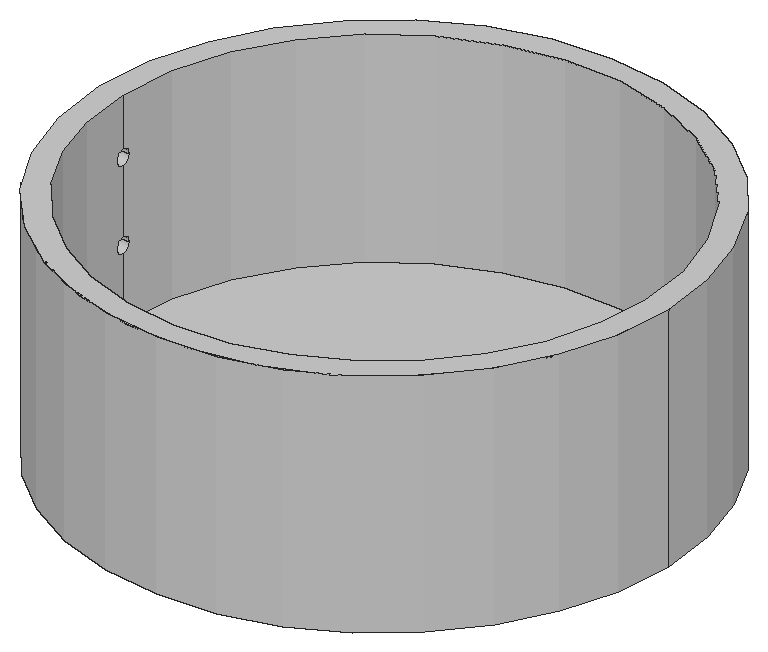
Revit family "KOD 20.9", category Фундамент несущей конструкции, Revit 2025
Family settings
  Материал для поведения модели = Прочее
  Заглушка = Нет
  Номер OmniClass = 23.25.05.00
  Заголовок OmniClass = Foundations
  На основе рабочей плоскости = Нет
  Всегда вертикально = Да
  При загрузке вырезать с полостями = Нет
  Общий = Нет
  Показывать семейство разрезанным на планах = Да
Parameters
  Петля = Петля_П1_П2 : П2
Reference planes
  plane 1 "По центру (Вперед/Назад)": y = -35
  plane 2: z = 0
  plane 3 "По центру (Влево/Вправо)": x = 0
  plane 4: z = 890
  plane 5: x = -1100
  plane 6: x = 1100
  plane 7: x = -1090
  plane 8: x = -1010
  plane 9: x = 1090
  plane 10: x = 1010
  plane 11: z = 370
  plane 12: z = 675
Forms (mm)
  Extrusion 1, solid, material "Бетон В15"
    sketch origin (0, 0, 0) x (1, 0, 0) y (0, 1, 0)
      loop
        circle (0, -35) r 1100
      loop
        circle (0, -35) r 1010
    from 0 to 890
  Extrusion 2, void
    sketch origin (0, 0, 0) x (0, 1, 0) y (0, 0, 1)
      loop
        circle (-35, 370) r 30
    from -1090 to 1090
  Extrusion 3, solid, material "Бетон В15"
    sketch origin (0, 0, 0) x (1, 0, 0) y (0, 1, 0)
      loop
        circle (0, -35) r 1010
    from 0 to 100
  Extrusion 4, void
    sketch origin (0, 0, 305) x (0, 1, 0) y (0, 0, 1)
      loop
        circle (-35, 370) r 30
    from -1090 to 1090
Cuts and joins
  Extrusion 2, Extrusion 4 cuts Extrusion 1
  Extrusion 4 cuts Extrusion 3
  joined: Extrusion 1, Extrusion 3
Dimensions and locks
  plane 4 to level = 890 mm
  plane 11 to level = 370 mm
  plane 12 to plane 11 = 305 mm
  aligned and locked: plane 2 to level
